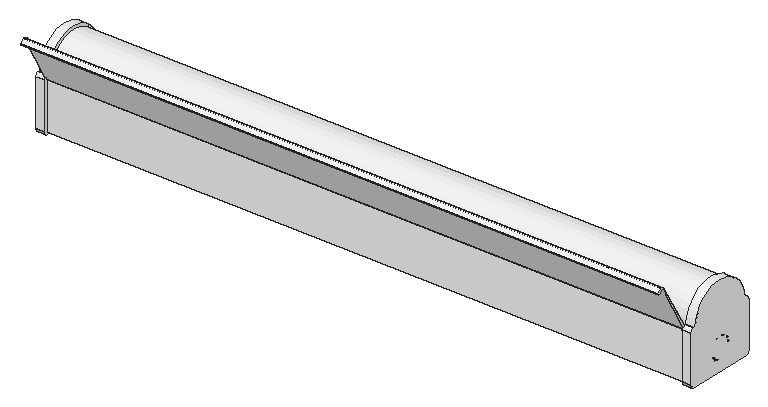
Revit family "0045177+0045232 Feilo Sylvania Lighting Fixture SYLBATTEN LED2 WW TP3 with ASYMMETRIC REFLECTOR ACCESSORY 600MM", category Lighting Fixtures, host Face, Revit 2017
Family settings
  Host = Face
  Round Connector Dimension = Use Diameter
  Part Type = Normal
  OmniClass Number = 23.80.70.00
  OmniClass Title = Lighting
  Cut with Voids When Loaded = No
  Light Source = Yes
  Shared = No
  Room Calculation Point = No
Parameters (values of type "0045177 SYLBATTEN LED2 WW TP3")
  Width_FEILO = 66 mm
  Weight = "1.432 kg"
  Wattage Comments = "n/a"
  Wattage = 22 W
  WarrantyStartDate [instance] = "n/a"
  WarrantyGuarantorParts = "n/a"
  WarrantyDurationUnit = "n/a"
  WarrantyDurationParts = "n/a"
  WarrantyDescription = "n/a"
  built-in parameter 1150110 = 1 (stored number, unit not read)
  Voltage = 230 V
  URL = "http://www.sylvania-lighting.com"
  TypeName = "SYLBATTEN LED2 WW TP3"
  Type Image = <None>
  Type Comments = "n/a"
  built-in parameter 1114217 = 1 (stored number, unit not read)
  Tilt Angle = -90.00°
  built-in parameter 1150109 = 1 (stored number, unit not read)
  built-in parameter 1150134 = (empty or 0)
  SymReflector_FEILO = no
  built-in parameter 1150113 = 1 (stored number, unit not read)
  SerialNumber [instance] = "n/a"
  PowerFactor = 0
  PowerConsumption = "22 W"
  Photometric Web File = "0045177+0045232.ies"
  NominalLength = 605 mm
  NominalHeight = 91 mm
  NominalDepth = 122 mm
  Name = "SYLBATTEN LED2 WW TP3"
  ModelReference = Name  # "SYLBATTEN LED2 WW TP3"
  ModelNumber = "0045177"
  Model = Name  # "SYLBATTEN LED2 WW TP3"
  Material_4_FEILO = Reflector-Sylvania-Sylbatten-White
  Material_3_FEILO = Diffuser-Sylvania-Sylbatten-Glow
  Material_2_FEILO = Body-Sylvania-Sylbatten-White
  Material_1_FEILO = Body-Sylvania-Sylbatten-White
  Material = "sheet steel housing, polycarbonate diffuser"
  ManufacturerName = "Feilo Sylvania"
  Manufacturer = "Feilo Sylvania"
  LuminousEfficacy = "92 lm/W"
  built-in parameter 1150105 = 161.06 (stored number, unit not read)
  Lumens = 2024 lm
  LuminaireType = ""
  built-in parameter 1150115 = 1 (stored number, unit not read)
  LightOutputRatio = "100"
  built-in parameter 1150137 = (empty or 0)
  built-in parameter 1150139 = (empty or 0)
  Length_FEILO = 605 mm
  LampsType = Lamp  # "LED"
  LampNominalLuminous = "2024 lm"
  LampMacAdamStep = "n/a"
  LampColourTemperature = "3000 K"
  LampColourRenderingIndex = "80"
  built-in parameter 1150112 = 1 (stored number, unit not read)
  built-in parameter 1150114 = 1 (stored number, unit not read)
  Lamp = "LED"
  Keynote = "16500"
  InstallationDate [instance] = "n/a"
  InputVoltage = "220-240V~"
  InputNominalFrequency = "n/a"
  built-in parameter 1150132 = (empty or 0)
  built-in parameter 1150102 = (empty or 0)
  built-in parameter 1150107 = 3000 (stored number, unit not read)
  built-in parameter 1150138 = (empty or 0)
  IngressProtection = "IP20"
  ImpactProtectionIndex = "IK07"
  built-in parameter 1150106 = 1.6106 (stored number, unit not read)
  IfcExportType = "IfcLightFixtureType"
  IfcExportAs = "IfcLightFixtureType"
  Height_FEILO = 76 mm
  ExpectedLife = 50000
  Emit from Rectangle Width = Length_FEILO - 16 mm  # 589 mm
  Emit from Rectangle Length = Width_FEILO - 40 mm  # 26 mm
  Emit Shape Visible in Rendering = no
  ElectricShockClassification = "Class I"
  built-in parameter 1150104 = 8.5471 (stored number, unit not read)
  DurationUnit = "hours"
  DocumentationLiterature = "http://www.sylvania-lighting.com/product/en-int/products/0045177"
  DimmingControlOptions = "n/a"
  Dimming Lamp Color Temperature Shift = <None>
  Description = "LED batten, T8 replacement, ease of installation through 2 part push-in design of the housing (safety cable included), through wiring capability (TP3 = 3 core), sheet steel, 2024LM, 22W, 92lm/W, 3000K, drive current: 350mA, CRI 80, 138° wide beam angle, electronic driver (non dimmable), IP20, IK07, 50,000 hrs (L70), (LxWxH) 605x66x76mm, 5 step MacAdam ellipse, 1.8kg, white RAL 9016, Class 1, 220-240V, energy class: A++, A+, A."
  Default Elevation = 1219.2 mm
  CreatedOn = "1/25/2018"
  CreatedBy = ""
  Cost = 0
  Color Filter = 16777215
  built-in parameter 1114216 [instance] = (empty or 0)
  ClassificationValue = "EF_70_80"
  ClassificationName = "Uniclass2015"
  CapOffset_FEILO = 2 mm
  BarCode [instance] = "n/a"
  built-in parameter 1114218 = 1 (stored number, unit not read)
  BackReflector_FEILO = and(not(AsymReflector_FEILO), SymReflector_FEILO)  # no
  built-in parameter 1150133 = 10 (stored number, unit not read)
  FrontReflector_FEILO = or(AsymReflector_FEILO, SymReflector_FEILO)  # yes
  AsymReflector_FEILO = yes
  AssetType = "Fixed"
  AssetIdentifier [instance] = "n/a"
  Assembly Code = "D5020200"
  Apparent Load = 22 VA
Reference planes
  plane 1 "Center (Front/Back)": y = 0
  plane 2: z = 0
  plane 3 "Center (Left/Right)": x = 0
  plane 4: x = 302.5
  plane 5: x = -302.5
  plane 6: y = 33
  plane 7: y = -33
  plane 8: z = 76
  plane 9: z = 47
  plane 10: y = -29
  plane 11: y = 29
  plane 12: z = 20
  plane 13: z = 74
  plane 14: y = -31
  plane 15: y = -27
  plane 16: y = 27
  plane 17: y = 31
  plane 18: z = 2
  plane 19: x = -294.5
  plane 20: x = 294.5
  plane 21: z = 49
  plane 22: y = 1
  plane 23: y = -1
  plane 24: z = 21
  plane 25: z = 19
  plane 26: y = -61
  plane 27: y = 61
  plane 28: y = -56
  plane 29: y = 56
  plane 30: z = 91
  plane 31: z = 88
Forms (mm)
  Extrusion 1, solid, material "Body-Sylvania-Sylbatten-White" <- "Material_2_FEILO"
    sketch origin (0, 0, 0) x (0, 1, 0) y (0, 0, 1)
      loop
        line (-31, 2) -> (31, 2) -> (31, 45)
        arc (31, 45) -> (30.414, 46.414) -> (29, 47) r 2
        line (29, 47) -> (27, 47)
        arc (27, 47) -> (0, 74) -> (-27, 47) r 27
        line (-27, 47) -> (-29, 47)
        arc (-29, 47) -> (-30.414, 46.414) -> (-31, 45) r 2
        line (-31, 45) -> (-31, 2)
    from -294.5 to 294.5
  Extrusion 2, solid, material "Body-Sylvania-Sylbatten-White" <- "Material_2_FEILO"
    sketch origin (302.5, 1524, 1219.2) x (0, 1, 0) y (0, 0, 1)
      loop
        arc (-1494, -1219.2) -> (-1491.879, -1218.321) -> (-1491, -1216.2) r 3
        line (-1491, -1216.2) -> (-1491, -1173.2)
        arc (-1491, -1173.2) -> (-1491.879, -1171.079) -> (-1494, -1170.2) r 3
        line (-1494, -1170.2) -> (-1495.069, -1170.2)
        arc (-1495.069, -1170.2) -> (-1524, -1143.2) -> (-1552.931, -1170.2) r 29
        line (-1552.931, -1170.2) -> (-1554, -1170.2)
        arc (-1554, -1170.2) -> (-1556.121, -1171.079) -> (-1557, -1173.2) r 3
        line (-1557, -1173.2) -> (-1557, -1216.2)
        arc (-1557, -1216.2) -> (-1556.121, -1218.321) -> (-1554, -1219.2) r 3
        line (-1554, -1219.2) -> (-1494, -1219.2)
      loop
        arc (-1525, -1189.25) -> (-1531.071, -1192.129) -> (-1533.95, -1198.2) r 10
        line (-1533.95, -1198.2) -> (-1532.944, -1198.2)
        arc (-1532.944, -1198.2) -> (-1530.364, -1192.836) -> (-1525, -1190.256) r 9
        line (-1525, -1190.256) -> (-1525, -1189.25)
      loop
        arc (-1523, -1190.256) -> (-1517.636, -1192.836) -> (-1515.056, -1198.2) r 9
        line (-1515.056, -1198.2) -> (-1514.05, -1198.2)
        arc (-1514.05, -1198.2) -> (-1516.929, -1192.129) -> (-1523, -1189.25) r 10
        line (-1523, -1189.25) -> (-1523, -1190.256)
      loop
        line (-1532.944, -1200.2) -> (-1533.95, -1200.2)
        arc (-1533.95, -1200.2) -> (-1531.071, -1206.271) -> (-1525, -1209.15) r 10
        line (-1525, -1209.15) -> (-1525, -1208.144)
        arc (-1525, -1208.144) -> (-1530.364, -1205.564) -> (-1532.944, -1200.2) r 9
      loop
        arc (-1515.056, -1200.2) -> (-1517.636, -1205.564) -> (-1523, -1208.144) r 9
        line (-1523, -1208.144) -> (-1523, -1209.15)
        arc (-1523, -1209.15) -> (-1516.929, -1206.271) -> (-1514.05, -1200.2) r 10
        line (-1514.05, -1200.2) -> (-1515.056, -1200.2)
    from 0 to -8
  Extrusion 3, solid, material "Body-Sylvania-Sylbatten-White" <- "Material_2_FEILO"
    sketch origin (-302.5, 1524, 1219.2) x (0, 1, 0) y (0, 0, 1)
      loop
        arc (-1495.069, -1170.2) -> (-1524, -1143.2) -> (-1552.931, -1170.2) r 29
        line (-1552.931, -1170.2) -> (-1554, -1170.2)
        arc (-1554, -1170.2) -> (-1556.121, -1171.079) -> (-1557, -1173.2) r 3
        line (-1557, -1173.2) -> (-1557, -1216.2)
        arc (-1557, -1216.2) -> (-1556.121, -1218.321) -> (-1554, -1219.2) r 3
        line (-1554, -1219.2) -> (-1494, -1219.2)
        arc (-1494, -1219.2) -> (-1491.879, -1218.321) -> (-1491, -1216.2) r 3
        line (-1491, -1216.2) -> (-1491, -1173.2)
        arc (-1491, -1173.2) -> (-1491.879, -1171.079) -> (-1494, -1170.2) r 3
        line (-1494, -1170.2) -> (-1495.069, -1170.2)
      loop
        line (-1533.95, -1198.2) -> (-1532.944, -1198.2)
        arc (-1532.944, -1198.2) -> (-1530.364, -1192.836) -> (-1525, -1190.256) r 9
        line (-1525, -1190.256) -> (-1525, -1189.25)
        arc (-1525, -1189.25) -> (-1531.071, -1192.129) -> (-1533.95, -1198.2) r 10
      loop
        line (-1523, -1189.25) -> (-1523, -1190.256)
        arc (-1523, -1190.256) -> (-1517.636, -1192.836) -> (-1515.056, -1198.2) r 9
        line (-1515.056, -1198.2) -> (-1514.05, -1198.2)
        arc (-1514.05, -1198.2) -> (-1516.929, -1192.129) -> (-1523, -1189.25) r 10
      loop
        line (-1514.05, -1200.2) -> (-1515.056, -1200.2)
        arc (-1515.056, -1200.2) -> (-1517.636, -1205.564) -> (-1523, -1208.144) r 9
        line (-1523, -1208.144) -> (-1523, -1209.15)
        arc (-1523, -1209.15) -> (-1516.929, -1206.271) -> (-1514.05, -1200.2) r 10
      loop
        line (-1525, -1209.15) -> (-1525, -1208.144)
        arc (-1525, -1208.144) -> (-1530.364, -1205.564) -> (-1532.944, -1200.2) r 9
        line (-1532.944, -1200.2) -> (-1533.95, -1200.2)
        arc (-1533.95, -1200.2) -> (-1531.071, -1206.271) -> (-1525, -1209.15) r 10
    from 0 to 8
  Extrusion 4, solid, material "Reflector-Sylvania-Sylbatten-White" <- "Material_4_FEILO", visible <- "FrontReflector_FEILO"
    sketch origin (0, 0, 0) x (0, 1, 0) y (0, 0, 1)
      loop
        line (-61.257, 88.429) -> (-60.743, 87.571) -> (-56.621, 90.044)
        arc (-56.621, 90.044) -> (-56.237, 90.099) -> (-55.929, 89.863) r 0.5
        line (-55.929, 89.863) -> (-31.435, 46.753) -> (-30.565, 47.247) -> (-55.312, 90.802)
        arc (-55.312, 90.802) -> (-55.928, 91.275) -> (-56.696, 91.165) r 1
        line (-56.696, 91.165) -> (-61.257, 88.429)
    from -294.5 to 294.5
  Extrusion 5, solid, material "Reflector-Sylvania-Sylbatten-White" <- "Material_4_FEILO", visible <- "BackReflector_FEILO"
    sketch origin (0, 0, 0) x (0, 1, 0) y (0, 0, 1)
      loop
        line (30.565, 47.247) -> (31.435, 46.753) -> (55.932, 89.868)
        arc (55.932, 89.868) -> (56.245, 90.112) -> (56.638, 90.062) r 0.518
        line (56.638, 90.062) -> (61.033, 87.565) -> (61.527, 88.435) -> (56.682, 91.188)
        arc (56.682, 91.188) -> (55.922, 91.282) -> (55.318, 90.812) r 1
        line (55.318, 90.812) -> (30.565, 47.247)
    from -294.5 to 294.5
Lines and regions (mm)
  reference lines
    curve 1: line (0, -61, 88) -> (0, -56, 91)
    curve 2: line (0, -56, 91) -> (0, -31, 47)
    curve 3: line (0, 31, 47) -> (0, 56, 91)
    curve 4: line (0, 56, 91) -> (0, 61.28, 88)
Dimensions and locks
  equal spacing: plane 5, plane 3 "Center (Left/Right)", plane 4
  equal spacing: plane 7, plane 1 "Center (Front/Back)", plane 6
  "Width_FEILO": plane 7 to plane 6
  "Length_FEILO": plane 5 to plane 4
  "Height_FEILO": plane 8 to plane 2
  locked: plane 9 to plane 8 at 29
  equal spacing: plane 10, plane 1 "Center (Front/Back)", plane 11
  locked: plane 7 to plane 10 at 4
  locked: plane 12 to plane 2 at 20
  "CapOffset_FEILO": plane 13 to plane 8
  "CapOffset_FEILO": plane 7 to plane 14
  "CapOffset_FEILO": plane 10 to plane 15
  "CapOffset_FEILO": plane 17 to plane 6
  "CapOffset_FEILO": plane 16 to plane 11
  "CapOffset_FEILO": plane 18 to plane 2
  locked: plane 14 to Extrusion 1 sketch curve at 2
  locked: Extrusion 1 sketch curve to plane 9 at 2  (x2)
  locked: plane 16 to Extrusion 1 sketch curve at 2
  equal spacing: plane 19, plane 3 "Center (Left/Right)", plane 20
  locked: plane 5 to plane 19 at 8
  "CapOffset_FEILO": plane 9 to plane 21
  locked: Extrusion 2 sketch curve to plane 2 at 47
  locked: Extrusion 1 sketch curve to plane 2 at 47
  locked: Extrusion 2 sketch curve to plane 2 at 3  (x2)
  locked: plane 7 to Extrusion 2 sketch curve at 3  (x2)
  locked: Extrusion 2 sketch curve to plane 6 at 3  (x2)
  locked: Extrusion 2 sketch curve to plane 21 at 3  (x2)
  equal spacing: plane 23, plane 1 "Center (Front/Back)", plane 22
  equal spacing: plane 25, plane 12, plane 24
  plane 30 to plane 31 to plane 2 = 3 mm locked, 88 mm locked
  plane 28 to plane 29 = 112 mm
  plane 26 to plane 27 = 122 mm
  aligned and locked: plane 2 to host face
  aligned and locked: level to host face
  aligned and locked: plane 18 to Extrusion 1 sketch curve
  aligned and locked: plane 14 to Extrusion 1 sketch curve
  aligned and locked: Extrusion 1 sketch curve to plane 9  (x2)
  aligned and locked: Extrusion 1 sketch curve to plane 17
  aligned and locked: plane 15 to Extrusion 1 sketch curve
  aligned and locked: plane 16 to Extrusion 1 sketch curve
  aligned and locked: plane 9 to Extrusion 1 sketch curve
  aligned and locked: plane 20 to Extrusion 1
  aligned and locked: level to Extrusion 2 sketch curve
  aligned and locked: Extrusion 2 sketch curve to plane 7
  aligned and locked: plane 21 to Extrusion 2 sketch curve
  aligned and locked: Extrusion 2 sketch curve to plane 21
  aligned and locked: plane 1 "Center (Front/Back)" to Extrusion 2 sketch curve  (x3)
  aligned and locked: Extrusion 2 to Extrusion 1
  aligned and locked: plane 4 to Extrusion 2
  aligned and locked: plane 12 to Extrusion 2 sketch curve  (x2)
  aligned and locked: Extrusion 2 sketch curve to plane 22
  aligned and locked: Extrusion 2 sketch curve to plane 23
  aligned and locked: Extrusion 2 sketch curve to plane 24
  aligned and locked: Extrusion 2 sketch curve to plane 25
  aligned and locked: plane 25 to Extrusion 2 sketch curve
  aligned and locked: plane 22 to Extrusion 2 sketch curve
  aligned and locked: plane 24 to Extrusion 2 sketch curve
  aligned and locked: plane 23 to Extrusion 2 sketch curve  (x2)
  aligned and locked: Extrusion 3 sketch curve to Extrusion 2  (x22)
  aligned and locked: Extrusion 3 to Extrusion 1
  aligned and locked: Extrusion 3 to plane 5
  aligned and locked: plane 19 to Extrusion 3
  aligned and locked: plane 31 to curve 1
  aligned and locked: plane 30 to curve 1
  aligned and locked: plane 14 to curve 2
  aligned and locked: plane 9 to curve 2
  aligned and locked: plane 17 to curve 3
  aligned and locked: plane 30 to curve 3
  aligned and locked: plane 31 to curve 4
  aligned and locked: Extrusion 4 sketch curve to curve 2
  aligned and locked: Extrusion 4 sketch curve to curve 1
  aligned and locked: Extrusion 4 to Extrusion 1
  aligned and locked: Extrusion 1 to Extrusion 4
  aligned and locked: imposter light to plane 1 "Center (Front/Back)"
  aligned and locked: imposter light to plane 3 "Center (Left/Right)"
  aligned and locked: imposter light to plane 13
  aligned and locked: Extrusion 5 sketch curve to curve 4
  aligned and locked: Extrusion 5 sketch curve to curve 3
  aligned and locked: Extrusion 1 to Extrusion 5
  aligned and locked: Extrusion 5 to Extrusion 1
Automatic sketch dimensions
  host sketch curve to host sketch curve = 2438.4 mm  (x2)
  Extrusion 2 sketch curve to Extrusion 2 sketch curve = 0 mm  (x14)
  Extrusion 2 sketch curve to plane 10 = 0.069 mm
  plane 23 to Extrusion 2 sketch curve = 8.95 mm
  Extrusion 2 sketch curve to Extrusion 2 sketch curve = 1.006 mm  (x4)
  Extrusion 2 sketch curve to plane 22 = 7.944 mm
  curve 1 to plane 26 = 0 mm
  curve 2 to plane 28 = 0 mm
  curve 4 to plane 29 = 0 mm
  plane 9 to curve 3 = 0 mm
  plane 26 to Extrusion 4 sketch curve = 0.257 mm
  Extrusion 4 sketch curve to plane 26 = 0.257 mm
  Extrusion 4 sketch curve to plane 30 = 0.165 mm
  plane 28 to Extrusion 4 sketch curve = 0.696 mm
  plane 28 to Extrusion 4 sketch curve = 0.621 mm
  plane 28 to Extrusion 4 sketch curve = 0.364 mm
  plane 28 to Extrusion 4 sketch curve = 0.182 mm
  Extrusion 4 sketch curve to plane 28 = 0.071 mm
  plane 30 to Extrusion 4 sketch curve = 0.198 mm
  Extrusion 4 sketch curve to plane 28 = 0.688 mm
  plane 9 to Extrusion 4 sketch curve = 0.247 mm
  plane 1 "Center (Front/Back)" to Extrusion 4 sketch curve = 31.435 mm
  Extrusion 5 sketch curve to plane 9 = 0.247 mm
  Extrusion 5 sketch curve to plane 1 "Center (Front/Back)" = 30.565 mm
  plane 9 to Extrusion 5 sketch curve = 0.247 mm
  plane 30 to Extrusion 5 sketch curve = 0.188 mm
  plane 29 to Extrusion 5 sketch curve = 0.068 mm
  Extrusion 5 sketch curve to plane 29 = 0.188 mm
  Extrusion 5 sketch curve to plane 29 = 0.382 mm
  Extrusion 5 sketch curve to Extrusion 5 sketch curve = 0.256 mm
  Extrusion 5 sketch curve to plane 30 = 0.188 mm
  Extrusion 5 sketch curve to plane 29 = 0.682 mm
  Extrusion 5 sketch curve to plane 27 = 0.033 mm
  Extrusion 5 sketch curve to plane 27 = 0.527 mm
Connectors
  electrical at (0, 0, 0), driven by "Apparent Load", driven by "PowerFactor", driven by "Voltage"
    settings: index 1, voltage 230 V, apparent load 22 VA, apparent load phase1 0 VA, apparent load phase2 0 VA, apparent load phase3 0 VA, power factor 0, load classification "Lighting", number of poles 1, system type 30, power factor state 1, is connector primary yes, connector utility no, sub classification motor no, connector description ""
